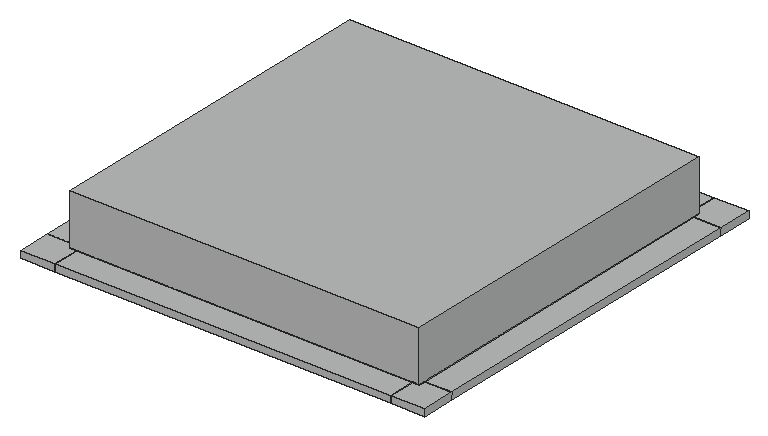
Revit family "ALUMOGIPS", category Осветительные приборы, Revit 2019 (continued)
Types (72, lengths in mm): name | Файл фотометрической сетки | built-in parameter 1150105 | Lumens | built-in parameter 1150106 | built-in parameter 1150142 | Wattage | Emit from Rectangle Width | Emit from Rectangle Length | Длина | Материал светильника | Ширина | ADSK_Ток | ADSK_Полная мощность | ADSK_Обозначение | ADSK_Номинальная мощность | ADSK_Наименование | ADSK_Масса | ADSK_Код изделия
    8 0.098 0.098 0.098 0.098 0.098 0.098 0.098 0.000 0.000 0.000 0.000 \r\n1417.637 1417.044 1413.295 1407.474 1398.890 1388.135 1374.815 1358.437 1340.184 1319.661 1296.869 1271.808 1244.971 1216.258 1185.673 1153.507 1120.158 1085.131 \r\n1048.823 1011.329 973.046 933.284 893.127 851.884 810.741 768.314 725.888 683.165 639.752 596.240 552.728 509.019 465.902 422.686 379.371 337.044 295.505 254.757 215.388 176.909 \r\n138.232 103.698 70.942 40.157 12.136 0.592 0.592 0.592 0.493 0.493 0.493 0.493 0.493 0.493 0.493 0.395 0.395 0.395 0.395 0.395 0.395 0.395 0.395 0.296 0.296 0.296 0.296 0.296 0.296 0.296 0.296 0.197 \r\n0.197 0.197 0.197 0.197 0.197 0.197 0.197 0.098 0.098 0.098 0.098 0.098 0.098 0.098 0.098 0.000 0.000 0.000 0.000 \r\n1417.637 1416.946 1413.197 1407.376 1398.693 1387.839 1374.520 1358.042 1339.789 1319.168 1296.376 1271.315 1244.477 1215.765 1185.179 1152.915 1119.566 1084.539 \r\n1048.230 1010.638 972.356 932.594 892.436 851.194 810.050 767.623 725.197 682.474 639.160 595.649 552.038 508.427 465.310 422.094 378.878 336.550 295.111 254.362 214.895 176.514 \r\n137.935 103.403 70.744 39.960 11.939 0.592 0.592 0.592 0.493 0.493 0.493 0.493 0.493 0.493 0.493 0.395 0.395 0.395 0.395 0.395 0.395 0.395 0.395 0.296 0.296 0.296 0.296 0.296 0.296 0.296 0.296 0.197 \r\n0.197 0.197 0.197 0.197 0.197 0.197 0.197 0.098 0.098 0.098 0.098 0.098 0.098 0.098 0.098 0.000 0.000 0.000 0.000 \r\n1417.637 1416.946 1413.098 1407.178 1398.495 1387.544 1374.223 1357.747 1339.395 1318.773 1295.882 1270.822 1243.886 1215.174 1184.587 1152.323 1118.974 1083.848 \r\n1047.540 1009.947 971.665 931.903 891.746 850.503 809.359 766.933 724.507 681.784 638.470 594.958 551.445 507.836 464.718 421.502 378.287 336.057 294.617 253.967 214.500 176.119 \r\n137.640 103.106 70.447 39.762 11.741 0.592 0.592 0.592 0.493 0.493 0.493 0.493 0.493 0.493 0.493 0.395 0.395 0.395 0.395 0.395 0.395 0.395 0.395 0.296 0.296 0.296 0.296 0.296 0.296 0.296 0.296 0.197 \r\n0.197 0.197 0.197 0.197 0.197 0.197 0.197 0.098 0.098 0.098 0.098 0.098 0.098 0.098 0.098 0.000 0.000 0.000 0.000 \r\n1417.637 1416.848 1412.999 1407.079 1398.298 1387.247 1373.829 1357.352 1339.000 1318.378 1295.488 1270.327 1243.392 1214.680 1183.995 1151.731 1118.283 1083.257 \r\n1046.849 1009.257 970.975 931.113 891.055 849.813 808.668 766.242 723.914 681.093 637.779 594.266 550.755 507.145 464.126 421.009 377.793 335.564 294.222 253.474 214.105 175.823 \r\n137.343 102.810 70.250 39.467 11.445 0.592 0.592 0.592 0.493 0.493 0.493 0.493 0.493 0.493 0.493 0.395 0.395 0.395 0.395 0.395 0.395 0.395 0.395 0.296 0.296 0.296 0.296 0.296 0.296 0.296 0.296 0.197 \r\n0.197 0.197 0.197 0.197 0.197 0.197 0.197 0.098 0.098 0.098 0.098 0.098 0.098 0.098 0.098 0.000 0.000 0.000 0.000 \r\n1417.637 1416.848 1412.901 1406.882 1398.002 1387.051 1373.533 1356.957 1338.605 1317.983 1294.994 1269.834 1242.899 1214.089 1183.403 1151.041 1117.692 1082.665 \r\n1046.257 1008.566 970.284 930.423 890.266 849.121 807.978 765.552 723.224 680.403 637.187 593.675 550.163 506.553 463.534 420.416 377.300 335.071 293.729 253.079 213.712 175.429 \r\n136.949 102.515 69.954 39.269 11.248 0.592 0.592 0.592 0.493 0.493 0.493 0.493 0.493 0.493 0.493 0.395 0.395 0.395 0.395 0.395 0.395 0.395 0.395 0.296 0.296 0.296 0.296 0.296 0.296 0.296 0.296 0.197 \r\n0.197 0.197 0.197 0.197 0.197 0.197 0.197 0.098 0.098 0.098 0.098 0.098 0.098 0.098 0.098 0.000 0.000 0.000 0.000 \r\n1417.637 1416.749 1412.802 1406.684 1397.805 1386.754 1373.237 1356.661 1338.210 1317.589 1294.599 1269.341 1242.406 1213.496 1182.811 1150.448 1117.099 1081.974 \r\n1045.566 1007.974 969.593 929.732 889.575 848.333 807.287 764.861 722.533 679.712 636.496 592.985 549.472 505.960 462.942 419.825 376.707 334.577 293.236 252.684 213.317 175.034 \r\n136.652 102.218 69.659 39.072 11.051 0.592 0.592 0.592 0.493 0.493 0.493 0.493 0.493 0.493 0.493 0.395 0.395 0.395 0.395 0.395 0.395 0.395 0.395 0.296 0.296 0.296 0.296 0.296 0.296 0.296 0.296 0.197 \r\n0.197 0.197 0.197 0.197 0.197 0.197 0.197 0.098 0.098 0.098 0.098 0.098 0.098 0.098 0.098 0.000 0.000 0.000 0.000 \r\n1417.637 1416.749 1412.704 1406.586 1397.607 1386.458 1372.941 1356.266 1337.815 1317.095 1294.106 1268.848 1241.813 1213.003 1182.219 1149.856 1116.409 1081.382 \r\n1044.876 1007.283 968.902 929.042 888.885 847.642 806.597 764.170 721.843 679.120 635.806 592.293 548.881 505.368 462.351 419.332 376.214 334.084 292.841 252.191 212.922 174.738 \r\n136.357 101.922 69.461 38.776 10.853 0.592 0.592 0.592 0.493 0.493 0.493 0.493 0.493 0.493 0.493 0.395 0.395 0.395 0.395 0.395 0.395 0.395 0.395 0.296 0.296 0.296 0.296 0.296 0.296 0.296 0.296 0.197 \r\n0.197 0.197 0.197 0.197 0.197 0.197 0.197 0.098 0.098 0.098 0.098 0.098 0.098 0.098 0.098 0.000 0.000 0.000 0.000 \r\n1417.637 1416.650 1412.604 1406.389 1397.311 1386.162 1372.546 1355.871 1337.421 1316.701 1293.613 1268.355 1241.320 1212.411 1181.627 1149.265 1115.816 1080.691 \r\n1044.284 1006.593 968.212 928.351 888.194 846.951 805.906 763.479 721.151 678.429 635.213 591.702 548.190 504.777 461.758 418.740 375.721 333.591 292.348 251.796 212.527 174.343 \r\n135.962 101.627 69.165 38.579 10.557 0.592 0.592 0.592 0.493 0.493 0.493 0.493 0.493 0.493 0.493 0.395 0.395 0.395 0.395 0.395 0.395 0.395 0.395 0.296 0.296 0.296 0.296 0.296 0.296 0.296 0.296 0.197 \r\n0.197 0.197 0.197 0.197 0.197 0.197 0.197 0.098 0.098 0.098 0.098 0.098 0.098 0.098 0.098 0.000 0.000 0.000 0.000 \r\n1417.637 1416.650 1412.506 1406.191 1397.114 1385.866 1372.250 1355.576 1337.027 1316.307 1293.218 1267.861 1240.827 1211.918 1181.035 1148.672 1115.225 1080.099 \r\n1043.593 1005.902 967.620 927.660 887.503 846.260 805.215 762.789 720.461 677.739 634.523 591.011 547.598 504.086 461.166 418.247 375.129 333.098 291.855 251.401 212.132 173.948 \r\n135.666 101.429 68.968 38.381 10.360 0.592 0.592 0.592 0.493 0.493 0.493 0.493 0.493 0.493 0.493 0.493 0.395 0.395 0.395 0.395 0.395 0.395 0.395 0.296 0.296 0.296 0.296 0.296 0.296 0.296 0.296 0.197 \r\n0.197 0.197 0.197 0.197 0.197 0.197 0.197 0.098 0.098 0.098 0.098 0.098 0.098 0.098 0.098 0.000 0.000 0.000 0.000 \r\n1417.637 1416.650 1412.407 1406.093 1396.917 1385.669 1371.954 1355.181 1336.632 1315.912 1292.725 1267.368 1240.334 1211.325 1180.443 1147.982 1114.633 1079.409 \r\n1042.903 1005.212 966.929 926.969 886.812 845.569 804.524 762.098 719.770 677.048 633.832 590.320 546.907 503.494 460.574 417.654 374.636 332.603 291.460 250.908 211.738 173.653 \r\n135.371 101.133 68.671 38.086 10.163 0.592 0.592 0.592 0.493 0.493 0.493 0.493 0.493 0.493 0.493 0.493 0.395 0.395 0.395 0.395 0.395 0.395 0.395 0.296 0.296 0.296 0.296 0.296 0.296 0.296 0.296 0.197 \r\n0.197 0.197 0.197 0.197 0.197 0.197 0.197 0.098 0.098 0.098 0.098 0.098 0.098 0.098 0.098 0.000 0.000 0.000 0.000 \r\n1417.637 1416.551 1412.309 1405.895 1396.621 1385.373 1371.559 1354.786 1336.237 1315.419 1292.232 1266.875 1239.742 1210.733 1179.851 1147.390 1113.942 1078.816 \r\n1042.310 1004.521 966.238 926.279 886.121 844.879 803.834 761.408 719.080 676.357 633.240 589.728 546.315 502.902 459.982 417.062 374.043 332.110 290.967 250.513 211.343 173.258 \r\n135.074 100.837 68.376 37.888 9.965 0.592 0.592 0.592 0.493 0.493 0.493 0.493 0.493 0.493 0.493 0.493 0.395 0.395 0.395 0.395 0.395 0.395 0.395 0.296 0.296 0.296 0.296 0.296 0.296 0.296 0.296 0.197 \r\n0.197 0.197 0.197 0.197 0.197 0.197 0.197 0.098 0.098 0.098 0.098 0.098 0.098 0.098 0.098 0.000 0.000 0.000 0.000 \r\n1417.637 1416.551 1412.111 1405.796 1396.423 1385.077 1371.264 1354.391 1335.842 1315.024 1291.837 1266.382 1239.248 1210.240 1179.259 1146.798 1113.350 1078.126 \r\n1041.620 1003.831 965.548 925.588 885.431 844.090 803.143 760.717 718.389 675.666 632.549 589.038 545.723 502.310 459.390 416.569 373.550 331.617 290.474 250.119 210.948 172.863 \r\n134.679 100.541 68.178 37.591 9.669 0.592 0.592 0.592 0.493 0.493 0.493 0.493 0.493 0.493 0.493 0.493 0.395 0.395 0.395 0.395 0.395 0.395 0.395 0.296 0.296 0.296 0.296 0.296 0.296 0.296 0.296 0.197 \r\n0.197 0.197 0.197 0.197 0.197 0.197 0.197 0.098 0.098 0.098 0.098 0.098 0.098 0.098 0.098 0.000 0.000 0.000 0.000 \r\n1417.637 1416.453 1412.013 1405.600 1396.226 1384.781 1370.968 1354.095 1335.448 1314.629 1291.344 1265.888 1238.754 1209.648 1178.667 1146.206 1112.758 1077.534 \r\n1040.929 1003.140 964.857 924.898 884.740 843.400 802.453 760.026 717.698 674.976 631.859 588.446 545.032 501.718 458.798 415.977 373.057 331.124 290.079 249.625 210.553 172.567 \r\n134.383 100.245 67.883 37.394 9.472 0.592 0.592 0.592 0.493 0.493 0.493 0.493 0.493 0.493 0.493 0.493 0.395 0.395 0.395 0.395 0.395 0.395 0.395 0.296 0.296 0.296 0.296 0.296 0.296 0.296 0.296 0.197 \r\n0.197 0.197 0.197 0.197 0.197 0.197 0.197 0.098 0.098 0.098 0.098 0.098 0.098 0.098 0.098 0.000 0.000 0.000 0.000 \r\n1417.637 1416.453 1411.914 1405.402 1395.930 1384.583 1370.671 1353.701 1335.053 1314.234 1290.850 1265.395 1238.261 1209.155 1178.075 1145.515 1112.067 1076.844 \r\n1040.239 1002.548 964.167 924.207 883.951 842.708 801.762 759.336 717.008 674.383 631.267 587.755 544.441 501.126 458.206 415.385 372.465 330.631 289.585 249.231 210.160 172.172 \r\n134.088 99.949 67.685 37.198 9.275 0.592 0.592 0.592 0.493 0.493 0.493 0.493 0.493 0.493 0.493 0.493 0.395 0.395 0.395 0.395 0.395 0.395 0.395 0.296 0.296 0.296 0.296 0.296 0.296 0.296 0.296 0.197 \r\n0.197 0.197 0.197 0.197 0.197 0.197 0.197 0.098 0.098 0.098 0.098 0.098 0.098 0.098 0.098 0.000 0.000 0.000 0.000 \r\n1417.637 1416.354 1411.816 1405.303 1395.733 1384.288 1370.276 1353.307 1334.658 1313.741 1290.456 1264.901 1237.669 1208.563 1177.582 1144.923 1111.476 1076.252 \r\n1039.646 1001.857 963.476 923.417 883.260 842.018 801.072 758.644 716.317 673.693 630.576 587.064 543.749 500.435 457.614 414.891 371.972 330.137 289.191 248.836 209.765 171.778 \r\n133.693 99.653 67.389 36.901 9.077 0.592 0.592 0.592 0.493 0.493 0.493 0.493 0.493 0.493 0.493 0.493 0.395 0.395 0.395 0.395 0.395 0.395 0.395 0.296 0.296 0.296 0.296 0.296 0.296 0.296 0.296 0.197 \r\n0.197 0.197 0.197 0.197 0.197 0.197 0.197 0.098 0.098 0.098 0.098 0.098 0.098 0.098 0.098 0.000 0.000 0.000 0.000 \r\n" | 25.582 W | 275 | 1175 | 1195 | RAL 9001 | 295 | 0.179584 A | 41.3043 VA | "Alumogips-38/opal-sand 295х1195 (IP40, 4000К, белый)" | 38 W | "Встраиваемый светодиодный светильник Alumogips-38/opal-sand 295х1195 (IP40, 4000К, белый) с БАП на 3 часа" | 2.5 | "ЦБ000007975"
